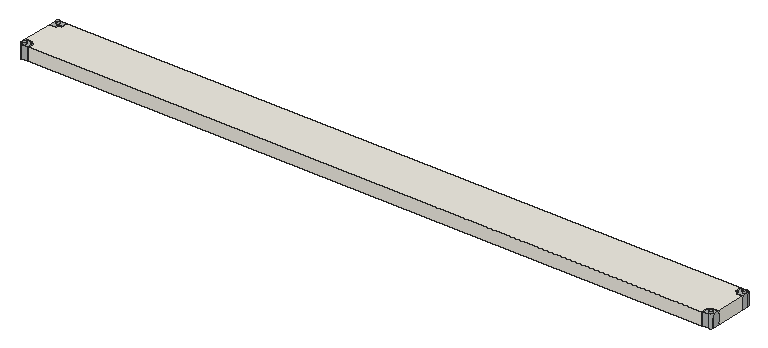
Revit family "HIGHTECH", category Осветительные приборы, Revit 2019 (continued)
Types (32, lengths in mm): name | Файл фотометрической сетки | built-in parameter 1150105 | Lumens | built-in parameter 1150106 | built-in parameter 1150142 | Wattage | Emit from Rectangle Width | Emit from Rectangle Length | Длина | Ширина | ADSK_Ток | ADSK_Полная мощность | ADSK_Обозначение | ADSK_Номинальная мощность | ADSK_Наименование | ADSK_Масса | ADSK_Код изделия
    \n2080.432 2010.053 1937.712 1863.313 1786.854 1709.025 1629.332 1548.169 1465.831 1382.413 1295.762 1208.325 1122.654 1036.001 949.349 862.795 776.143 690.667 605.780 522.657 \r\n441.887 363.958 289.657 219.571 152.621 92.240 38.130 3.823 3.725 3.627 3.529 3.431 3.332 3.234 3.234 3.137 3.039 2.941 2.842 2.744 2.647 2.647 2.549 2.450 2.352 2.254 2.157 2.059 2.059 1.960 1.862 \r\n1.764 1.667 1.569 1.470 1.470 1.372 1.274 1.177 1.078 0.980 0.882 0.882 0.784 0.687 0.588 0.490 0.392 0.294 0.294 0.196 0.098 0.000 \r\n2755.907 2755.612 2750.025 2741.399 2725.520 2706.209 2682.683 2653.767 2620.929 2582.897 2539.963 2493.892 2444.979 2392.144 2335.194 2275.498 2213.743 2147.480 \r\n2079.452 2009.170 1936.731 1862.333 1785.874 1708.045 1628.352 1547.189 1464.851 1381.531 1294.879 1207.541 1121.869 1035.315 948.664 862.207 775.555 690.177 605.388 522.363 \r\n441.592 363.762 289.461 219.473 152.523 92.240 38.130 3.823 3.725 3.627 3.529 3.431 3.332 3.234 3.234 3.137 3.039 2.941 2.842 2.744 2.647 2.647 2.549 2.450 2.352 2.254 2.157 2.059 2.059 1.960 1.862 \r\n1.764 1.667 1.569 1.470 1.470 1.372 1.274 1.177 1.078 0.980 0.882 0.882 0.784 0.687 0.588 0.490 0.392 0.294 0.294 0.196 0.098 0.000 \r\n2755.907 2755.515 2749.927 2741.203 2725.226 2705.817 2682.095 2653.178 2620.341 2582.210 2539.276 2493.206 2444.195 2391.262 2334.312 2274.616 2212.763 2146.500 \r\n2078.472 2008.190 1935.751 1861.352 1784.894 1707.065 1627.470 1546.307 1463.968 1380.649 1293.997 1206.757 1121.183 1034.629 947.977 861.619 775.065 689.687 604.996 521.971 \r\n441.396 363.468 289.363 219.375 152.426 92.142 38.033 3.823 3.725 3.627 3.529 3.431 3.332 3.234 3.234 3.137 3.039 2.941 2.842 2.744 2.647 2.647 2.549 2.450 2.352 2.254 2.157 2.059 2.059 1.960 1.862 \r\n1.764 1.667 1.569 1.470 1.470 1.372 1.274 1.177 1.078 0.980 0.882 0.882 0.784 0.687 0.588 0.490 0.392 0.294 0.294 0.196 0.098 0.000 \r\n2755.907 2755.417 2749.829 2740.909 2724.931 2705.327 2681.605 2652.591 2619.655 2581.524 2538.590 2492.422 2443.410 2390.380 2333.429 2273.636 2211.783 2145.519 \r\n2077.492 2007.209 1934.771 1860.371 1783.914 1706.084 1626.490 1545.327 1463.086 1379.865 1293.016 1205.874 1120.398 1033.844 947.389 861.031 774.575 689.295 604.603 521.676 \r\n441.102 363.272 289.167 219.277 152.327 92.142 37.935 3.823 3.725 3.627 3.529 3.431 3.332 3.234 3.234 3.137 3.039 2.941 2.842 2.744 2.647 2.647 2.549 2.450 2.352 2.254 2.157 2.059 2.059 1.960 1.862 \r\n1.764 1.667 1.569 1.470 1.470 1.372 1.274 1.177 1.078 0.980 0.882 0.882 0.784 0.687 0.588 0.490 0.392 0.294 0.294 0.196 0.098 0.000 \r\n2755.907 2755.318 2749.633 2740.615 2724.638 2704.934 2681.115 2652.101 2618.969 2580.838 2537.904 2491.735 2442.626 2389.596 2332.547 2272.753 2210.803 2144.637 \r\n2076.512 2006.229 1933.693 1859.294 1782.934 1705.104 1625.510 1544.445 1462.105 1378.982 1292.134 1205.090 1119.713 1033.159 946.703 860.443 774.085 688.805 604.211 521.383 \r\n440.808 363.076 288.971 219.178 152.229 92.043 37.935 3.725 3.725 3.627 3.529 3.431 3.332 3.234 3.137 3.137 3.039 2.941 2.842 2.744 2.647 2.647 2.549 2.450 2.352 2.254 2.157 2.059 2.059 1.960 1.862 \r\n1.764 1.667 1.569 1.470 1.470 1.372 1.274 1.177 1.078 0.980 0.882 0.882 0.784 0.687 0.588 0.490 0.392 0.294 0.294 0.196 0.098 0.000 \r\n2755.907 2755.122 2749.535 2740.321 2724.343 2704.542 2680.527 2651.513 2618.283 2580.152 2537.218 2491.049 2441.842 2388.714 2331.665 2271.871 2209.823 2143.657 \r\n2075.630 2005.249 1932.712 1858.314 1781.953 1704.124 1624.530 1543.465 1461.223 1378.100 1291.252 1204.307 1118.928 1032.472 946.115 859.953 773.497 688.315 603.820 521.088 \r\n440.513 362.879 288.873 219.081 152.229 92.043 37.837 3.725 3.725 3.627 3.529 3.431 3.332 3.234 3.137 3.137 3.039 2.941 2.842 2.744 2.647 2.549 2.549 2.450 2.352 2.254 2.157 2.059 2.059 1.960 1.862 \r\n1.764 1.667 1.569 1.470 1.470 1.372 1.274 1.177 1.078 0.980 0.882 0.882 0.784 0.687 0.588 0.490 0.392 0.294 0.294 0.196 0.098 0.000 \r\n2755.907 2755.025 2749.437 2740.125 2724.049 2704.151 2680.037 2650.924 2617.597 2579.466 2536.532 2490.265 2441.058 2387.832 2330.783 2270.989 2208.842 2142.677 \r\n2074.650 2004.367 1931.732 1857.333 1780.973 1703.144 1623.549 1542.582 1460.341 1377.218 1290.272 1203.522 1118.144 1031.786 945.428 859.364 773.007 687.923 603.428 520.696 \r\n440.318 362.684 288.677 218.983 152.131 91.945 37.739 3.725 3.725 3.627 3.529 3.431 3.332 3.234 3.137 3.137 3.039 2.941 2.842 2.744 2.647 2.549 2.549 2.450 2.352 2.254 2.157 2.059 1.960 1.960 1.862 \r\n1.764 1.667 1.569 1.470 1.470 1.372 1.274 1.177 1.078 0.980 0.882 0.882 0.784 0.687 0.588 0.490 0.392 0.294 0.294 0.196 0.098 0.000 \r\n2755.907 2754.926 2749.339 2739.831 2723.756 2703.759 2679.546 2650.434 2617.008 2578.780 2535.845 2489.579 2440.274 2386.950 2329.998 2270.107 2207.862 2141.795 \r\n2073.669 2003.387 1930.752 1856.353 1779.993 1702.164 1622.666 1541.602 1459.361 1376.336 1289.390 1202.640 1117.458 1031.002 944.742 858.776 772.517 687.433 603.036 520.403 \r\n440.023 362.488 288.481 218.885 152.033 91.945 37.739 3.725 3.725 3.627 3.529 3.431 3.332 3.234 3.137 3.137 3.039 2.941 2.842 2.744 2.647 2.549 2.549 2.450 2.352 2.254 2.157 2.059 1.960 1.960 1.862 \r\n1.764 1.667 1.569 1.470 1.470 1.372 1.274 1.177 1.078 0.980 0.882 0.882 0.784 0.687 0.588 0.490 0.392 0.294 0.294 0.196 0.098 0.000 \r\n2755.907 2754.828 2749.241 2739.537 2723.363 2703.269 2678.959 2649.846 2616.323 2578.093 2535.160 2488.795 2439.489 2386.165 2329.116 2269.224 2206.882 2140.815 \r\n2072.689 2002.407 1929.772 1855.373 1778.915 1701.183 1621.686 1540.720 1458.479 1375.453 1288.409 1201.856 1116.674 1030.316 944.154 858.188 772.027 687.041 602.643 520.108 \r\n439.730 362.292 288.382 218.786 151.936 91.847 37.640 3.725 3.725 3.627 3.529 3.431 3.332 3.234 3.137 3.137 3.039 2.941 2.842 2.744 2.647 2.549 2.549 2.450 2.352 2.254 2.157 2.059 1.960 1.960 1.862 \r\n1.764 1.667 1.569 1.470 1.372 1.372 1.274 1.177 1.078 0.980 0.882 0.882 0.784 0.687 0.588 0.490 0.392 0.294 0.294 0.196 0.098 0.000 \r\n2755.907 2754.730 2749.045 2739.340 2723.069 2702.877 2678.469 2649.258 2615.636 2577.407 2534.571 2488.108 2438.706 2385.283 2328.234 2268.342 2205.902 2139.835 \r\n2071.709 2001.426 1928.693 1854.295 1777.934 1700.105 1620.706 1539.739 1457.596 1374.571 1287.527 1201.071 1115.889 1029.630 943.468 857.600 771.438 686.551 602.251 519.814 \r\n439.435 362.096 288.187 218.688 151.837 91.750 37.640 3.725 3.627 3.627 3.529 3.431 3.332 3.234 3.137 3.137 3.039 2.941 2.842 2.744 2.647 2.549 2.549 2.450 2.352 2.254 2.157 2.059 1.960 1.960 1.862 \r\n1.764 1.667 1.569 1.470 1.372 1.372 1.274 1.177 1.078 0.980 0.882 0.882 0.784 0.687 0.588 0.490 0.392 0.294 0.294 0.196 0.098 0.000 \r\n2755.907 2754.632 2748.947 2739.047 2722.774 2702.484 2677.979 2648.669 2614.950 2576.721 2533.885 2487.325 2437.921 2384.401 2327.352 2267.460 2204.922 2138.952 \r\n2070.729 2000.446 1927.713 1853.314 1776.954 1699.125 1619.726 1538.857 1456.616 1373.787 1286.645 1200.189 1115.204 1028.943 942.880 857.012 770.948 686.061 601.859 519.422 \r\n439.240 361.899 287.991 218.590 151.837 91.750 37.543 3.725 3.627 3.627 3.529 3.431 3.332 3.234 3.137 3.039 3.039 2.941 2.842 2.744 2.647 2.549 2.549 2.450 2.352 2.254 2.157 2.059 1.960 1.960 1.862 \r\n1.764 1.667 1.569 1.470 1.372 1.372 1.274 1.177 1.078 0.980 0.882 0.882 0.784 0.687 0.588 0.490 0.392 0.294 0.294 0.196 0.098 0.000 \r\n2755.907 2754.436 2748.849 2738.752 2722.481 2702.092 2677.391 2648.179 2614.264 2576.035 2533.199 2486.638 2437.137 2383.616 2326.469 2266.578 2203.941 2137.971 \r\n2069.846 1999.466 1926.733 1852.334 1775.974 1698.145 1618.746 1537.877 1455.734 1372.905 1285.665 1199.405 1114.419 1028.160 942.194 856.424 770.458 685.668 601.467 519.128 \r\n438.945 361.606 287.892 218.493 151.739 91.651 37.445 3.725 3.627 3.627 3.529 3.431 3.332 3.234 3.137 3.039 3.039 2.941 2.842 2.744 2.647 2.549 2.549 2.450 2.352 2.254 2.157 2.059 1.960 1.960 1.862 \r\n1.764 1.667 1.569 1.470 1.372 1.372 1.274 1.177 1.078 0.980 0.882 0.882 0.784 0.687 0.588 0.490 0.392 0.294 0.294 0.196 0.098 0.000 \r\n2755.907 2754.338 2748.751 2738.557 2722.187 2701.700 2676.901 2647.592 2613.676 2575.251 2532.513 2485.854 2436.352 2382.734 2325.587 2265.696 2202.961 2136.991 \r\n2068.866 1998.584 1925.753 1851.354 1774.994 1697.164 1617.864 1536.995 1454.852 1372.023 1284.783 1198.621 1113.635 1027.473 941.606 855.934 769.968 685.178 601.074 518.834 \r\n438.651 361.409 287.697 218.395 151.641 91.651 37.445 3.725 3.627 3.627 3.529 3.431 3.332 3.234 3.137 3.039 3.039 2.941 2.842 2.744 2.647 2.549 2.450 2.450 2.352 2.254 2.157 2.059 1.960 1.960 1.862 \r\n1.764 1.667 1.569 1.470 1.372 1.372 1.274 1.177 1.078 0.980 0.882 0.784 0.784 0.687 0.588 0.490 0.392 0.294 0.294 0.196 0.098 0.000 \r\n2755.907 2754.240 2748.652 2738.262 2721.892 2701.210 2676.410 2647.004 2612.989 2574.564 2531.826 2485.168 2435.569 2381.852 2324.705 2264.813 2201.981 2136.109 \r\n2067.885 1997.604 1924.674 1850.276 1774.014 1696.184 1616.883 1536.015 1453.872 1371.141 1283.901 1197.739 1112.949 1026.788 940.919 855.345 769.380 684.688 600.682 518.539 \r\n438.358 361.214 287.500 218.296 151.543 91.553 37.347 3.725 3.627 3.627 3.529 3.431 3.332 3.234 3.137 3.039 3.039 2.941 2.842 2.744 2.647 2.549 2.450 2.450 2.352 2.254 2.157 2.059 1.960 1.960 1.862 \r\n1.764 1.667 1.569 1.470 1.372 1.372 1.274 1.177 1.078 0.980 0.882 0.784 0.784 0.687 0.588 0.490 0.392 0.294 0.294 0.196 0.098 0.000 \r\n2755.907 2754.142 2748.457 2737.968 2721.599 2700.818 2675.822 2646.415 2612.304 2573.879 2531.141 2484.482 2434.785 2380.970 2323.823 2263.931 2201.001 2135.129 \r\n2066.905 1996.624 1923.694 1849.295 1773.033 1695.204 1615.903 1535.132 1452.990 1370.259 1282.921 1196.954 1112.165 1026.101 940.234 854.757 768.890 684.296 600.291 518.147 \r\n438.161 361.017 287.402 218.100 151.445 91.553 37.248 3.725 3.627 3.529 3.529 3.431 3.332 3.234 3.137 3.039 3.039 2.941 2.842 2.744 2.647 2.549 2.450 2.450 2.352 2.254 2.157 2.059 1.960 1.960 1.862 \r\n1.764 1.667 1.569 1.470 1.372 1.372 1.274 1.177 1.078 0.980 0.882 0.784 0.784 0.687 0.588 0.490 0.392 0.294 0.294 0.196 0.098 0.000 \r\n2755.907 2754.044 2748.359 2737.675 2721.304 2700.425 2675.332 2645.925 2611.617 2573.192 2530.454 2483.697 2434.000 2380.185 2322.940 2263.049 2200.021 2134.149 \r\n2065.925 1995.642 1922.714 1848.315 1772.053 1694.224 1614.923 1534.152 1452.107 1369.377 1282.038 1196.170 1111.380 1025.316 939.645 854.170 768.399 683.806 599.899 517.854 \r\n437.868 360.822 287.207 218.003 151.445 91.455 37.248 3.725 3.627 3.529 3.529 3.431 3.332 3.234 3.137 3.039 3.039 2.941 2.842 2.744 2.647 2.549 2.450 2.450 2.352 2.254 2.157 2.059 1.960 1.862 1.862 \r\n1.764 1.667 1.569 1.470 1.372 1.372 1.274 1.177 1.078 0.980 0.882 0.784 0.784 0.687 0.588 0.490 0.392 0.294 0.294 0.196 0.098 0.000 \r\n2755.907 2753.946 2748.260 2737.478 2720.912 2700.033 2674.744 2645.337 2610.931 2572.507 2529.769 2483.012 2433.216 2379.303 2322.156 2262.167 2199.040 2133.267 \r\n2064.945 1994.662 1921.734 1847.335 1770.975 1693.244 1613.943 1533.270 1451.127 1368.494 1281.058 1195.288 1110.695 1024.631 938.959 853.581 767.909 683.414 599.507 517.559 \r\n437.573 360.625 287.010 217.904 151.347 91.455 37.150 3.725 3.627 3.529 3.529 3.431 3.332 3.234 3.137 3.039 2.941 2.941 2.842 2.744 2.647 2.549 2.450 2.450 2.352 2.254 2.157 2.059 1.960 1.862 1.862 \r\n1.764 1.667 1.569 1.470 1.372 1.372 1.274 1.177 1.078 0.980 0.882 0.784 0.784 0.687 0.588 0.490 0.392 0.294 0.294 0.196 0.098 0.000 \r\n2755.907 2753.750 2748.162 2737.185 2720.619 2699.641 2674.254 2644.748 2610.245 2571.820 2529.180 2482.227 2432.432 2378.421 2321.274 2261.284 2198.060 2132.287 \r\n2064.063 1993.682 1920.754 1846.355 1769.995 1692.262 1612.963 1532.290 1450.245 1367.710 1280.176 1194.504 1109.910 1023.944 938.370 852.993 767.419 682.924 599.114 517.265 \r\n437.279 360.429 286.912 217.806 151.249 91.357 37.150 3.725 3.627 3.529 3.529 3.431 3.332 3.234 3.137 3.039 2.941 2.941 2.842 2.744 2.647 2.549 2.450 2.450 2.352 2.254 2.157 2.059 1.960 1.862 1.862 \r\n1.764 1.667 1.569 1.470 1.372 1.372 1.274 1.177 1.078 0.980 0.882 0.784 0.784 0.687 0.588 0.490 0.392 0.294 0.294 0.196 0.098 0.000 \r\n2755.907 2753.652 2747.967 2736.890 2720.324 2699.151 2673.763 2644.161 2609.657 2571.133 2528.494 2481.542 2431.648 2377.539 2320.392 2260.402 2197.079 2131.307 \r\n2063.083 1992.800 1919.675 1845.276 1769.014 1691.282 1612.081 1531.408 1449.363 1366.828 1279.294 1193.720 1109.126 1023.259 937.685 852.503 766.831 682.434 598.722 516.874 \r\n437.083 360.233 286.717 217.708 151.151 91.260 37.053 3.725 3.627 3.529 3.529 3.431 3.332 3.234 3.137 3.039 2.941 2.941 2.842 2.744 2.647 2.549 2.450 2.450 2.352 2.254 2.157 2.059 1.960 1.862 1.862 \r\n1.764 1.667 1.569 1.470 1.372 1.372 1.274 1.177 1.078 0.980 0.882 0.784 0.784 0.687 0.588 0.490 0.392 0.294 0.294 0.196 0.098 0.000 \r\n2755.907 2753.554 2747.869 2736.695 2720.030 2698.760 2673.175 2643.671 2608.970 2570.448 2527.808 2480.757 2430.863 2376.755 2319.509 2259.520 2196.099 2130.424 \r\n2062.102 1991.820 1918.695 1844.296 1768.034 1690.302 1611.100 1530.428 1448.383 1365.946 1278.313 1192.838 1108.440 1022.474 936.998 851.915 766.341 682.042 598.330 516.579 \r\n436.789 360.037 286.520 217.610 151.053 91.260 36.955 3.725 3.627 3.529 3.431 3.431 3.332 3.234 3.137 3.039 2.941 2.941 2.842 2.744 2.647 2.549 2.450 2.352 2.352 2.254 2.157 2.059 1.960 1.862 1.862 \r\n1.764 1.667 1.569 1.470 1.372 1.372 1.274 1.177 1.078 0.980 0.882 0.784 0.784 0.687 0.588 0.490 0.392 0.294 0.294 0.196 0.098 0.000 \r\n2755.907 2753.456 2747.770 2736.400 2719.737 2698.368 2672.685 2643.083 2608.285 2569.761 2527.122 2480.070 2430.079 2375.873 2318.627 2258.638 2195.119 2129.443 \r\n2061.122 1990.840 1917.715 1843.316 1767.054 1689.322 1610.120 1529.546 1447.501 1365.063 1277.431 1192.053 1107.656 1021.788 936.410 851.326 765.851 681.552 597.938 516.285 \r\n436.494 359.841 286.422 217.513 151.053 91.161 36.955 3.725 3.627 3.529 3.431 3.431 3.332 3.234 3.137 3.039 2.941 2.941 2.842 2.744 2.647 2.549 2.450 2.352 2.352 2.254 2.157 2.059 1.960 1.862 1.862 \r\n1.764 1.667 1.569 1.470 1.372 1.372 1.274 1.177 1.078 0.980 0.882 0.784 0.784 0.687 0.588 0.490 0.392 0.294 0.294 0.196 0.098 0.000 \r\n2755.907 2753.554 2747.869 2736.695 2720.030 2698.760 2673.175 2643.671 2608.970 2570.448 2527.808 2480.757 2430.863 2376.755 2319.509 2259.520 2196.099 2130.424 \r\n2062.102 1991.820 1918.695 1844.296 1768.034 1690.302 1611.100 1530.428 1448.383 1365.946 1278.313 1192.838 1108.440 1022.474 936.998 851.915 766.341 682.042 598.330 516.579 \r\n436.789 360.037 286.520 217.610 151.053 91.260 36.955 3.725 3.627 3.529 3.431 3.431 3.332 3.234 3.137 3.039 2.941 2.941 2.842 2.744 2.647 2.549 2.450 2.352 2.352 2.254 2.157 2.059 1.960 1.862 1.862 \r\n1.764 1.667 1.569 1.470 1.372 1.372 1.274 1.177 1.078 0.980 0.882 0.784 0.784 0.687 0.588 0.490 0.392 0.294 0.294 0.196 0.098 0.000 \r\n2755.907 2753.652 2747.967 2736.890 2720.324 2699.151 2673.763 2644.161 2609.657 2571.133 2528.494 2481.542 2431.648 2377.539 2320.392 2260.402 2197.079 2131.307 \r\n2063.083 1992.800 1919.675 1845.276 1769.014 1691.282 1612.081 1531.408 1449.363 1366.828 1279.294 1193.720 1109.126 1023.259 937.685 852.503 766.831 682.434 598.722 516.874 \r\n437.083 360.233 286.717 217.708 151.151 91.260 37.053 3.725 3.627 3.529 3.529 3.431 3.332 3.234 3.137 3.039 2.941 2.941 2.842 2.744 2.647 2.549 2.450 2.450 2.352 2.254 2.157 2.059 1.960 1.862 1.862 \r\n1.764 1.667 1.569 1.470 1.372 1.372 1.274 1.177 1.078 0.980 0.882 0.784 0.784 0.687 0.588 0.490 0.392 0.294 0.294 0.196 0.098 0.000 \r\n2755.907 2753.750 2748.162 2737.185 2720.619 2699.641 2674.254 2644.748 2610.245 2571.820 2529.180 2482.227 2432.432 2378.421 2321.274 2261.284 2198.060 2132.287 \r\n2064.063 1993.682 1920.754 1846.355 1769.995 1692.262 1612.963 1532.290 1450.245 1367.710 1280.176 1194.504 1109.910 1023.944 938.370 852.993 767.419 682.924 599.114 517.265 \r\n437.279 360.429 286.912 217.806 151.249 91.357 37.150 3.725 3.627 3.529 3.529 3.431 3.332 3.234 3.137 3.039 2.941 2.941 2.842 2.744 2.647 2.549 2.450 2.450 2.352 2.254 2.157 2.059 1.960 1.862 1.862 \r\n1.764 1.667 1.569 1.470 1.372 1.372 1.274 1.177 1.078 0.980 0.882 0.784 0.784 0.687 0.588 0.490 0.392 0.294 0.294 0.196 0
